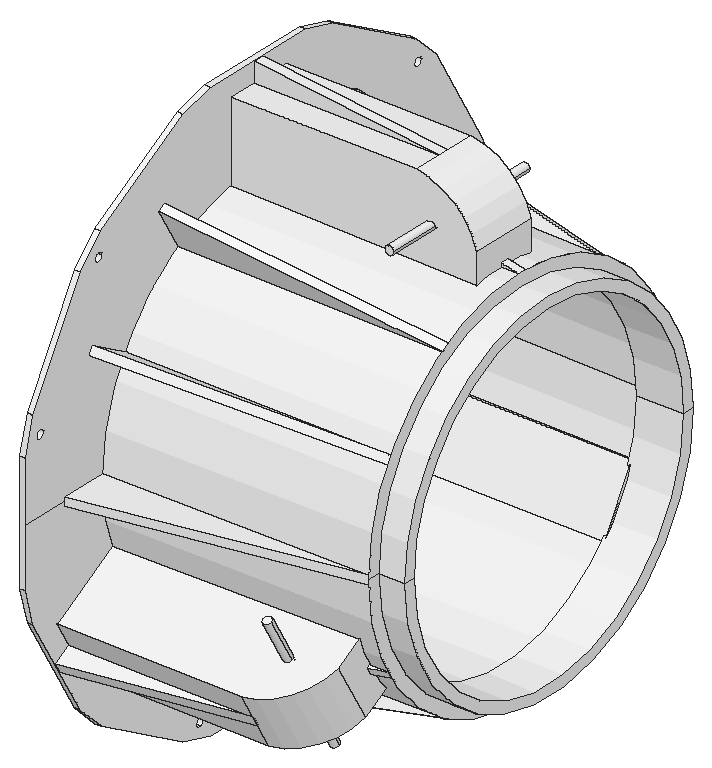
Revit family "L100S", category Pipe Accessories, Revit 2016
Family settings
  Part Type = Breaks Into
  Round Connector Dimension = Use Diameter
  Work Plane-Based = No
  Always vertical = No
  Cut with Voids When Loaded = No
  Shared = No
Parameters
  URL = "http://www.snapcollars.com"
  Model = "H100S-RR"
  Manufacturer = "Snap Fire Systems"
  Description = "The H100S-RR is a high-top, cast-in fire collar for concrete slabs 150mm and thicker."
Reference planes
  plane 1 "Center (Front/Back)": y = 0
  plane 2: z = 0
  plane 3 "Center (Left/Right)": x = -165
  plane 4: x = -230
  plane 5: x = -176.254
  plane 6: y = 90.593
  plane 7: y = -50
  plane 8: y = 100.593
  plane 9: y = -60
  plane 10: x = -195.933
  plane 11: x = -79.975
Forms (mm)
  Revolve 1, solid, material "PVC-White", detail levels medium+fine
    sketch origin (0, 0, 0) x (1, 0, 0) y (0, 1, 0)
      loop
        line (-227.967, -69.144) -> (-134.479, -68.001) -> (-134.479, -63.623) -> (-125, -63.623) -> (-125, -59.868) -> (-141.666, -59.594) -> (-141.666, -63.997) -> (-230, -65.169) -> (-230, -105) -> (-227.967, -105) -> (-227.967, -69.144)
      axis (-230, 0) -> (-125, 0)
    angle from 0 to 360
  Extrusion 2, void
    sketch origin (-227.967, 0, 0) x (0, 1, 0) y (0, 0, -1)
      loop
        line (-27.564, -102.871) -> (27.564, -102.871) -> (75.307, -75.307) -> (102.871, -27.564) -> (102.871, 27.564) -> (75.307, 75.307) -> (27.564, 102.871) -> (-27.564, 102.871) -> (-75.307, 75.307) -> (-102.871, 27.564) -> (-102.871, -27.564) -> (-75.307, -75.307) -> (-27.564, -102.871)
      loop
        circle (0, 0) r 118.785
    from 0 to 2.033
  Extrusion 3, void
    sketch origin (-227.967, 0, 0) x (0, 1, 0) y (0, 0, -1)
      loop
        circle (-70.697, -70.697) r 1.577
      loop
        circle (-96.574, -25.877) r 1.577
      loop
        circle (96.571, -25.888) r 1.577
      loop
        circle (70.689, -70.705) r 1.577
      loop
        circle (-25.877, 96.574) r 1.577
      loop
        circle (25.877, 96.574) r 1.577
    from 0 to 2.033
  Extrusion 4, solid, material "PVC-White", detail levels fine
    sketch origin (0, 0, 0) x (1, 0, 0) y (0, 0, 1)
      loop
        line (-134.479, 68.001) -> (-227.967, 86.048) -> (-227.967, 69.12) -> (-134.479, 68.001)
    from -1.5 to 1.5
  Extrusion 5, solid, material "PVC-White", detail levels medium+fine
    sketch origin (0, 0, 0) x (1, 0, 0) y (0, 0, 1)
      loop
        line (-227.967, 58.439) -> (-140.967, 58.439) -> (-140.967, 77.244)
        arc (-140.967, 77.244) -> (-148.679, 90.01) -> (-162.316, 96.048) r 24.811
        line (-162.316, 96.048) -> (-227.967, 96.048) -> (-227.967, 58.439)
    from -12 to 12
  Extrusion 6, solid, material "PVC-White", detail levels medium+fine
    sketch origin (0, 0, 0) x (1, 0, 0) y (0, -0.866025, -0.5)
      loop
        line (-227.967, 58.439) -> (-140.967, 58.439) -> (-140.967, 77.244)
        arc (-140.967, 77.244) -> (-148.679, 90.01) -> (-162.316, 96.048) r 24.811
        line (-162.316, 96.048) -> (-227.967, 96.048) -> (-227.967, 58.439)
    from -12 to 12
  Extrusion 7, solid, material "PVC-White", detail levels medium+fine
    sketch origin (0, 0, 0) x (1, 0, 0) y (0, 0.866025, -0.5)
      loop
        line (-227.967, 58.439) -> (-140.967, 58.439) -> (-140.967, 77.244)
        arc (-140.967, 77.244) -> (-148.679, 90.01) -> (-162.316, 96.048) r 24.811
        line (-162.316, 96.048) -> (-227.967, 96.048) -> (-227.967, 58.439)
    from -12 to 12
  Extrusion 8, solid, material "PVC-White", detail levels fine
    sketch origin (0, 0, 0) x (1, 0, 0) y (0, 0, 1)
      loop
        line (-227.967, 102.871) -> (-227.967, 96.048) -> (-162.316, 96.048) -> (-227.967, 102.871)
    from -2 to 2
  Extrusion 9, solid, material "PVC-White", detail levels fine
    sketch origin (0, 0, 0) x (1, 0, 0) y (0, 0.866025, -0.5)
      loop
        line (-227.967, 102.871) -> (-227.967, 96.048) -> (-162.316, 96.048) -> (-227.967, 102.871)
    from -2 to 2
  Extrusion 10, solid, material "PVC-White", detail levels fine
    sketch origin (0, 0, 0) x (1, 0, 0) y (0, -0.866025, -0.5)
      loop
        line (-227.967, 102.871) -> (-227.967, 96.048) -> (-162.316, 96.048) -> (-227.967, 102.871)
    from -2 to 2
  Extrusion 11, solid, material "PVC-White", not visible, detail levels fine
    sketch origin (0, 0, 0) x (1, 0, 0) y (0, 0, 1)
      loop
        line (-80, 60.418) -> (-227.967, 86.048) -> (-227.967, 69.12) -> (-80, 60.418)
    from -1.5 to 1.5
  Extrusion 12, solid, material "PVC-White", not visible, detail levels fine
    sketch origin (0, 0, 0) x (1, 0, 0) y (0, -0.5, 0.866025)
      loop
        line (-80, 60.418) -> (-227.967, 86.048) -> (-227.967, 69.12) -> (-80, 60.418)
    from -1.5 to 1.5
  Extrusion 13, solid, material "PVC-White", not visible, detail levels fine
    sketch origin (0, 0, 0) x (1, 0, 0) y (0, -0.866025, 0.5)
      loop
        line (-80, 60.418) -> (-227.967, 86.048) -> (-227.967, 69.12) -> (-80, 60.418)
    from -1.5 to 1.5
  Extrusion 14, solid, material "PVC-White", not visible, detail levels fine
    sketch origin (0, 0, 0) x (0, -1, 0) y (-1, 0, 0)
      loop
        line (60.418, 80) -> (86.048, 227.967) -> (69.12, 227.967) -> (60.418, 80)
    from -1.5 to 1.5
  Extrusion 15, solid, material "PVC-White", not visible, detail levels fine
    sketch origin (0, 0, 0) x (1, 0, 0) y (0, -0.866025, -0.5)
      loop
        line (-80, 60.418) -> (-227.967, 86.048) -> (-227.967, 69.12) -> (-80, 60.418)
    from -1.5 to 1.5
  Extrusion 16, solid, material "PVC-White", not visible, detail levels fine
    sketch origin (0, 0, 0) x (1, 0, 0) y (0, -0.5, -0.866025)
      loop
        line (-80, 60.418) -> (-227.967, 86.048) -> (-227.967, 69.12) -> (-80, 60.418)
    from -1.5 to 1.5
  Extrusion 17, solid, material "PVC-White", not visible, detail levels fine
    sketch origin (0, 0, 0) x (1, 0, 0) y (0, 0, -1)
      loop
        line (-80, 60.418) -> (-227.967, 86.048) -> (-227.967, 69.12) -> (-80, 60.418)
    from -1.5 to 1.5
  Extrusion 18, solid, material "PVC-White", not visible, detail levels fine
    sketch origin (0, 0, 0) x (1, 0, 0) y (0, 0.5, -0.866025)
      loop
        line (-80, 60.418) -> (-227.967, 86.048) -> (-227.967, 69.12) -> (-80, 60.418)
    from -1.5 to 1.5
  Extrusion 19, solid, material "PVC-White", not visible, detail levels fine
    sketch origin (0, 0, 0) x (1, 0, 0) y (0, 0.866025, -0.5)
      loop
        line (-80, 60.418) -> (-227.967, 86.048) -> (-227.967, 69.12) -> (-80, 60.418)
    from -1.5 to 1.5
  Extrusion 20, solid, material "PVC-White", not visible, detail levels fine
    sketch origin (0, 0, 0) x (1, 0, 0) y (0, 1, 0)
      loop
        line (-80, 60.418) -> (-227.967, 86.048) -> (-227.967, 69.12) -> (-80, 60.418)
    from -1.5 to 1.5
  Extrusion 21, solid, material "PVC-White", not visible, detail levels fine
    sketch origin (0, 0, 0) x (1, 0, 0) y (0, 0.866025, 0.5)
      loop
        line (-80, 60.418) -> (-227.967, 86.048) -> (-227.967, 69.12) -> (-80, 60.418)
    from -1.5 to 1.5
  Extrusion 22, solid, material "PVC-White", not visible, detail levels fine
    sketch origin (0, 0, 0) x (1, 0, 0) y (0, 0.5, 0.866025)
      loop
        line (-80, 60.418) -> (-227.967, 86.048) -> (-227.967, 69.12) -> (-80, 60.418)
    from -1.5 to 1.5
  Extrusion 23, solid, material "PVC-White", detail levels fine
    sketch origin (0, 0, 0) x (1, 0, 0) y (0, 0, 1)
      loop
        circle (-157.362, 79.878) r 1.5
    from -30 to 30
  Extrusion 24, solid, material "PVC-White", detail levels fine
    sketch origin (0, 0, 0) x (1, 0, 0) y (0, 0.866025, -0.5)
      loop
        circle (-157.362, 79.878) r 1.5
    from -30 to 30
  Extrusion 25, solid, material "PVC-White", detail levels fine
    sketch origin (0, 0, 0) x (1, 0, 0) y (0, -0.866025, -0.5)
      loop
        circle (-157.362, 79.878) r 1.5
    from -30 to 30
  Extrusion 26, solid, material "PVC-White", detail levels fine
    sketch origin (0, 0, 0) x (1, 0, 0) y (0, 0.5, 0.866025)
      loop
        line (-134.479, 68.001) -> (-227.967, 86.048) -> (-227.967, 69.12) -> (-134.479, 68.001)
    from -1.5 to 1.5
  Extrusion 27, solid, material "PVC-White", detail levels fine
    sketch origin (0, 0, 0) x (1, 0, 0) y (0, 0.866025, 0.5)
      loop
        line (-134.479, 68.001) -> (-227.967, 86.048) -> (-227.967, 69.12) -> (-134.479, 68.001)
    from -1.5 to 1.5
  Extrusion 28, solid, material "PVC-White", detail levels fine
    sketch origin (0, 0, 0) x (1, 0, 0) y (0, 1, 0)
      loop
        line (-134.479, 68.001) -> (-227.967, 86.048) -> (-227.967, 69.12) -> (-134.479, 68.001)
    from -1.5 to 1.5
  Extrusion 29, solid, material "PVC-White", detail levels fine
    sketch origin (0, 0, 0) x (1, 0, 0) y (0, 0.866025, -0.5)
      loop
        line (-134.479, 68.001) -> (-227.967, 86.048) -> (-227.967, 69.12) -> (-134.479, 68.001)
    from -1.5 to 1.5
  Extrusion 30, solid, material "PVC-White", detail levels fine
    sketch origin (0, 0, 0) x (1, 0, 0) y (0, 0.5, -0.866025)
      loop
        line (-134.479, 68.001) -> (-227.967, 86.048) -> (-227.967, 69.12) -> (-134.479, 68.001)
    from -1.5 to 1.5
  Extrusion 31, solid, material "PVC-White", detail levels fine
    sketch origin (0, 0, 0) x (1, 0, 0) y (0, 0, -1)
      loop
        line (-134.479, 68.001) -> (-227.967, 86.048) -> (-227.967, 69.12) -> (-134.479, 68.001)
    from -1.5 to 1.5
  Extrusion 32, solid, material "PVC-White", detail levels fine
    sketch origin (0, 0, 0) x (1, 0, 0) y (0, -0.5, -0.866025)
      loop
        line (-134.479, 68.001) -> (-227.967, 86.048) -> (-227.967, 69.12) -> (-134.479, 68.001)
    from -1.5 to 1.5
  Extrusion 33, solid, material "PVC-White", detail levels fine
    sketch origin (0, 0, 0) x (1, 0, 0) y (0, -0.866025, -0.5)
      loop
        line (-134.479, 68.001) -> (-227.967, 86.048) -> (-227.967, 69.12) -> (-134.479, 68.001)
    from -1.5 to 1.5
  Extrusion 34, solid, material "PVC-White", detail levels fine
    sketch origin (0, 0, 0) x (0, -1, 0) y (-1, 0, 0)
      loop
        line (68.001, 134.479) -> (86.048, 227.967) -> (69.12, 227.967) -> (68.001, 134.479)
    from -1.5 to 1.5
  Extrusion 35, solid, material "PVC-White", detail levels fine
    sketch origin (0, 0, 0) x (1, 0, 0) y (0, -0.866025, 0.5)
      loop
        line (-134.479, 68.001) -> (-227.967, 86.048) -> (-227.967, 69.12) -> (-134.479, 68.001)
    from -1.5 to 1.5
  Extrusion 36, solid, material "PVC-White", detail levels fine
    sketch origin (0, 0, 0) x (1, 0, 0) y (0, -0.5, 0.866025)
      loop
        line (-134.479, 68.001) -> (-227.967, 86.048) -> (-227.967, 69.12) -> (-134.479, 68.001)
    from -1.5 to 1.5
Cuts and joins
  joined: Extrusion 5, Extrusion 6, Extrusion 7
  Extrusion 2, Extrusion 3 cuts Revolve 1
Dimensions and locks
  Extrusion 11 sketch curve to Extrusion 11 sketch curve = 0 mm
  Extrusion 12 sketch curve to Extrusion 12 sketch curve = 0 mm
  Extrusion 13 sketch curve to Extrusion 13 sketch curve = 0 mm
  Extrusion 14 sketch curve to Extrusion 14 sketch curve = 0 mm
  Extrusion 15 sketch curve to Extrusion 15 sketch curve = 0 mm
  Extrusion 16 sketch curve to Extrusion 16 sketch curve = 0 mm
  Extrusion 17 sketch curve to Extrusion 17 sketch curve = 0 mm
  Extrusion 18 sketch curve to Extrusion 18 sketch curve = 0 mm
  Extrusion 19 sketch curve to Extrusion 19 sketch curve = 0 mm
  Extrusion 20 sketch curve to Extrusion 20 sketch curve = 0 mm
  Extrusion 21 sketch curve to Extrusion 21 sketch curve = 0 mm
  Extrusion 22 sketch curve to Extrusion 22 sketch curve = 0 mm
  aligned and locked: level to plane 2
  aligned and locked: plane 1 "Center (Front/Back)" to Revolve 1 sketch curve
Connectors
  piping at (-195.933, 0, 0), diameter 100
    settings: on plane 10, index 4, connector inside diameter 609.6 mm, connector length 0 mm, flow factor 0, pipe flow 0.0 L/s, pressure drop 0.0 Pa, fitting loss kfactor 0, connector angle 0.00°, fixture units 0, engagement length 0 mm, angle of deflection 0.00°, flow configuration 0, flow direction 0, fitting loss method 0, system type 7, joint type 0, gender type 0, connector reference index -1, connector utility 0, adjustable connector no, is connector primary yes, connector description ""
  piping at (-176.254, 0, 0), diameter 100
    settings: on plane 5, index 5, connector inside diameter 609.6 mm, connector length 0 mm, flow factor 0, pipe flow 0.0 L/s, pressure drop 0.0 Pa, fitting loss kfactor 0, connector angle 0.00°, fixture units 0, engagement length 0 mm, angle of deflection 0.00°, flow configuration 0, flow direction 0, fitting loss method 0, system type 7, joint type 0, gender type 0, connector reference index -1, connector utility 0, adjustable connector no, is connector primary no, connector description ""
